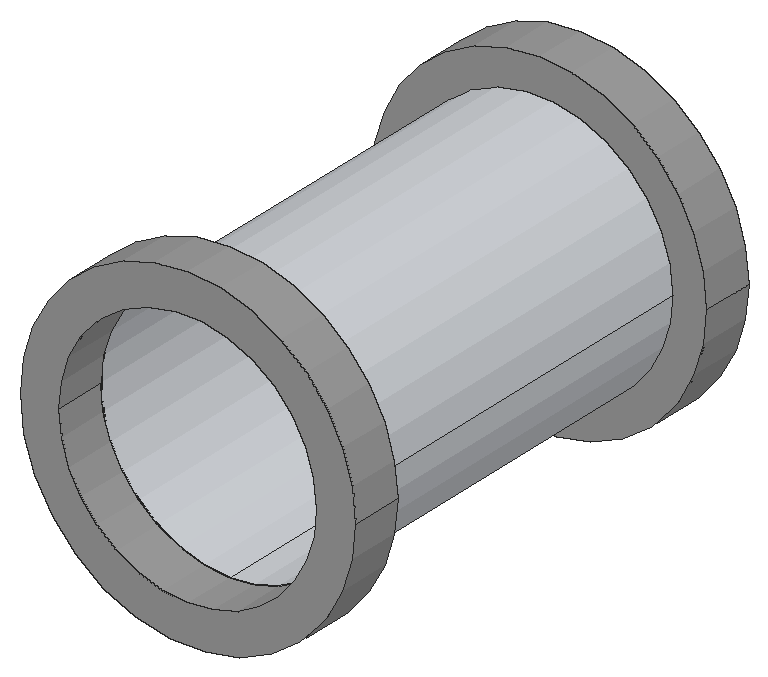
Revit family "套管-圓形_無", category 管附件, Revit 2022
Family settings
  圓形接點標註 = 使用直徑
  組件類型 = 正常
  以工作平面為基礎 = 否
  總是垂直 = 是
  載入時使用空心切割 = 是
  共用 = 否
Parameters (values of type "套管-100A")
  管道標稱直徑 [instance] = ""
  管外半徑 [instance] = 管外直徑 / 2  # 51.55 mm
  立面高程 [instance] = 0 mm
  穿越構件 [instance] = ""
  物件高程 [instance] = if(BOP, 立面高程 - 管外半徑, if(TOP, 立面高程 + 管外半徑, 立面高程))  # -51.55 mm
  止水版直徑 [instance] = 220 mm
  止水板厚度 [instance] = 5 mm
  止水板 = no
  厚度 [instance] = 3.1 mm
  凸緣 = yes
  長度 [instance] = 150 mm
  來源管線Id [instance] = ""
  TOP [instance] = no
  HB_族群版本 = "2026.08.26.01"
  Diatot = 標稱直徑 + 邊界寬度  # 130 mm
  管外直徑 [instance] = 標稱直徑 + 厚度  # 103.1 mm
  標稱直徑 = 100 mm
  預設高程 = 0 mm
  邊界寬度 = 30 mm
  BOP [instance] = yes
Types (16, lengths in mm): name | 管外半徑 | 物件高程 | 止水版直徑 | 止水板厚度 | 止水板 | 厚度 | 長度 | Diatot | 管外直徑 | 標稱直徑
  止水套管-50A | 25.9 | -25.9 | 80 | 4 | yes | 1.8 | 100 | 80 | 51.8 | 50
  套管-80A | 43.5 | -43.5 | 97.5 | 5 | no | 7 | 100 | 110 | 87 | 80
  套管-100A | 51.55 | -51.55 | 220 | 5 | no | 3.1 | 150 | 130 | 103.1 | 100
  止水套管-65A | 33.85 | -33.85 | 90 | 4.5 | yes | 2.7 | 100 | 95 | 67.7 | 65
  套管-25A | 13.4 | -13.4 | 220 | 5 | no | 1.8 | 100 | 55 | 26.8 | 25
  套管-125A | 64.55 | -64.55 | 125 | 5.5 | no | 4.1 | 100 | 155 | 129.1 | 125
  套管-150A | 77.55 | -77.55 | 137.5 | 6 | no | 5.1 | 100 | 180 | 155.1 | 150
  套管-200A | 103.2 | -103.2 | 220 | 5 | no | 6.4 | 100 | 230 | 206.4 | 200
  套管-250A | 128.9 | -128.9 | 220 | 5 | no | 7.8 | 100 | 280 | 257.8 | 250
  止水套管-100A | 51.55 | -51.55 | 220 | 5 | yes | 3.1 | 150 | 130 | 103.1 | 100
  止水套管-125A | 64.55 | -64.55 | 125 | 5.5 | yes | 4.1 | 100 | 155 | 129.1 | 125
  止水套管-150A | 77.55 | -77.55 | 137.5 | 6 | yes | 5.1 | 100 | 180 | 155.1 | 150
  止水套管-80A | 43.5 | -43.5 | 97.5 | 5 | yes | 7 | 100 | 110 | 87 | 80
  套管-50A | 25.9 | -25.9 | 80 | 4 | no | 1.8 | 100 | 80 | 51.8 | 50
  套管-40A | 20.9 | -20.9 | 220 | 5 | no | 1.8 | 100 | 70 | 41.8 | 40
  止水套管-40A | 20.9 | -20.9 | 220 | 5 | no | 1.8 | 100 | 70 | 41.8 | 40
Reference planes
  plane 1 "Center (Front/Back)": y = 0
  plane 2: z = 0
  plane 3 "Center (Left/Right)": x = 0
Forms (mm)
  Extrusion 1, void
    sketch origin (0, -125, 0) x (0, 0, 1) y (1, 0, 0)
      loop
        circle (0, 0) r 50
    from 200 to 50
  Extrusion 2, solid, material "預設", visible <- "凸緣"
    sketch origin (0, 0, 0) x (1, 0, 0) y (0, 0, 1)
      loop
        circle (0, 0) r 65
      loop
        circle (0, 0) r 50
    from 75 to 95.191
  Extrusion 3, solid, material "預設", visible <- "凸緣"
    sketch origin (0, 0, 0) x (1, 0, 0) y (0, 0, -1)
      loop
        circle (0, 0) r 65
      loop
        circle (0, 0) r 50
    from 75 to 95
  Extrusion 4, solid
    sketch origin (0, -125, 0) x (0, 0, 1) y (1, 0, 0)
      loop
        circle (0, 0) r 50
      loop
        circle (0, 0) r 51.55
    from 200 to 50
  Extrusion 5, solid, visible <- "止水板"
    sketch origin (25, -125, 0) x (0, 0, 1) y (1, 0, 0)
      loop
        circle (0, -25) r 51.55
      loop
        circle (0, -25) r 110
    from 127.5 to 122.5
Dimensions and locks
  plane 3 "Center (Left/Right)" to Extrusion 1 = 0 mm
  level to plane 3 "Center (Left/Right)" = 0 mm
  equal spacing: Extrusion 1, plane 1 "Center (Front/Back)", Extrusion 1
  locked: Extrusion 2 to Extrusion 2 at 20.191
  "長度": Extrusion 2 to Extrusion 3
  locked: Extrusion 3 to Extrusion 3 at 20
  equal spacing: Extrusion 3, plane 1 "Center (Front/Back)", Extrusion 2
  "長度": Extrusion 1 to Extrusion 1
  Extrusion 4 to Extrusion 4 = 150 mm
  equal spacing: Extrusion 5, plane 1 "Center (Front/Back)", Extrusion 5
  "止水板厚度": Extrusion 5 to Extrusion 5
  "標稱直徑": diameter of Extrusion 1 sketch curve
  "標稱直徑": diameter of Extrusion 2 sketch curve
  "Diatot": diameter of Extrusion 2 sketch curve
  "標稱直徑": diameter of Extrusion 3 sketch curve
  "Diatot": diameter of Extrusion 3 sketch curve
  "標稱直徑": diameter of Extrusion 4 sketch curve
  "管外直徑": diameter of Extrusion 4 sketch curve
  "管外直徑": diameter of Extrusion 5 sketch curve
  "止水版直徑": diameter of Extrusion 5 sketch curve
  aligned and locked: level to plane 2
  aligned and locked: Extrusion 4 to Extrusion 3
  aligned and locked: Extrusion 4 to Extrusion 2
Automatic sketch dimensions
  Extrusion 1 sketch curve to level = 0 mm
  Extrusion 1 sketch curve to plane 3 "Center (Left/Right)" = 0 mm
  Extrusion 2 sketch curve to Extrusion 2 sketch curve = 0 mm  (x2)
  Extrusion 2 sketch curve to level = 0 mm
  Extrusion 2 sketch curve to plane 3 "Center (Left/Right)" = 0 mm
  Extrusion 3 sketch curve to Extrusion 3 sketch curve = 0 mm  (x2)
  Extrusion 3 sketch curve to level = 0 mm
  Extrusion 3 sketch curve to plane 3 "Center (Left/Right)" = 0 mm
  Extrusion 4 sketch curve to Extrusion 4 sketch curve = 0 mm  (x6)
  Extrusion 4 sketch curve to level = 0 mm
  Extrusion 4 sketch curve to plane 3 "Center (Left/Right)" = 0 mm
  Extrusion 5 sketch curve to Extrusion 5 sketch curve = 0 mm  (x2)
  Extrusion 5 sketch curve to level = 0 mm
  Extrusion 5 sketch curve to plane 3 "Center (Left/Right)" = 0 mm
